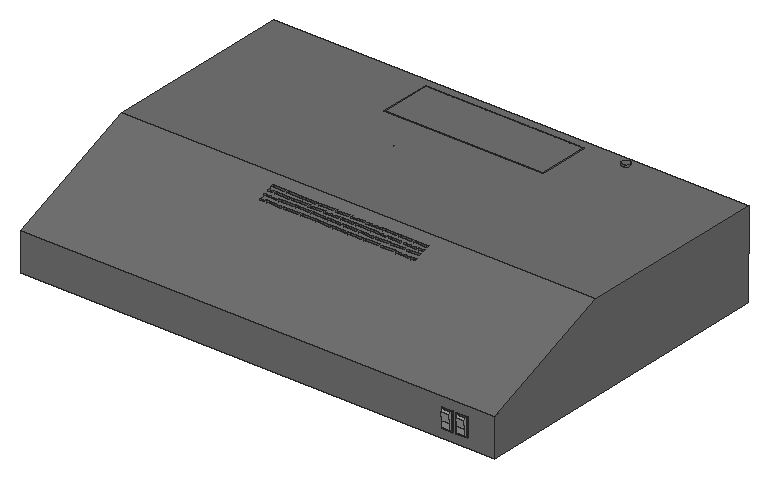
Revit family "Qf_Summit_HC30BB_Under Cabinet Convertible Range Hood", category Specialty Equipment, Revit 2020
Family settings
  Round Connector Dimension = Use Diameter
  Part Type = Normal
  Work Plane-Based = No
  Always vertical = Yes
  Cut with Voids When Loaded = No
  Shared = No
  Room Calculation Point = No
Parameters
  Weight in Pounds = 13
  Watts = if(Phase = 3, Volts * FL Amps * 1.73, Volts * FL Amps)  # 195.5 W
  Volts = 115 V
  URL Cutsheet = ""
  Specification by User = ""
  Specification by Manufacturer = ""
  Serial Number = ""
  Seismic Rating = ""
  SMACNA No = ""
  Revision Code = ""
  Phase = 1
  Number of Poles = 1
  NAFEM Spec ID Number = ""
  Model = "HC30BB"
  Min Ckt Ampacity = 0 A
  Max Overcurrent Protection = 0 A
  Masterspec = ""
  Manufacturer = "Summit"
  MU Air Volume = 200 CFM
  MU Air Vent Width = 0"
  MU Air Vent Diameter = 0"
  MU Air Vent Depth = 0"
  MU Air Static Press = 0.00 in-wg
  MU Air RI Height = 0"
  Length = 29 7/8"
  Item Number = ""
  Installed By = ""
  Identify Quantity as Lot = yes
  Height = 5 1/2"
  HP = ""
  Furnished By = ""
  Foodservice Equipment Identifier = yes
  FL Amps = 1.7 A
  Exhaust Volume = 0 CFM
  Exhaust Vent Width = 0"
  Exhaust Vent Diameter = 0"
  Exhaust Vent Depth = 0"
  Exhaust Static Press = 0.00 in-wg
  Exhaust RI Height = 0"
  Electrical Remarks = ""
  Electric Connection Type = ""
  Elec Conn RI Height = 0"
  Elec Conn Connection Height = 0"
  Description = "Under Cabinet Convertible Range Hood"
  Depth = 20"
  Default Elevation = 0"
  Cycle = 60 Hz
  Conn Plug = ""
  Conn Conduit = yes
  CSI MasterFormat = ""
  Apparent Power = if(Phase = 3, Volts * FL Amps * 1.73, Volts * FL Amps)  # 195.5 VA
Reference planes (in)
  plane 1 "BACK": y = 0
  plane 2: z = 0
  plane 3 "LEFT": x = 0
  plane 4 "RIGHT": x = 29.875
  plane 5 "FRONT": y = -20
  plane 6 "TOP": z = 5.5
  plane 7 "Center Y": x = 14.9375
  plane 8 "Center X": y = -10
  plane 9: z = 2.375
  plane 10: y = -12
  plane 11: x = 9.3125
  plane 12: x = 20.5625
  plane 13: x = 22.5625
  plane 14: y = -14
  plane 15: x = 1.5
  plane 16: x = 28.375
  plane 17: z = 5.25339
  plane 18: z = 4.76922
  plane 19: y = -0.5
  plane 20: y = -3.75
  plane 21: y = -7.25
  plane 22: x = 9.9375
  plane 23: x = 19.9375
  plane 24: z = 5.25339
  plane 25: z = 4.76922
  plane 26: x = 14.9375
  plane 27: x = 12.19383
Forms (in)
  Extrusion 1, solid, material "QF_Plastic_Dark_Grey"
    sketch origin (0, 0, 0) x (0, 1, 0) y (0, 0, 1)
      loop
        line (-20, 2.375) -> (-20, 0) -> (0, 0) -> (0, 5.5) -> (-12, 5.5) -> (-20, 2.375)
    from 0 to 1.5
  Extrusion 2, solid, material "QF_Plastic_Dark_Grey"
    sketch origin (0, 0, 0) x (0, 1, 0) y (0, 0, 1)
      loop
        line (0, 5.5) -> (-12, 5.5) -> (-20, 2.375) -> (-20, 0) -> (-14, 0) -> (-14, 4.18196) -> (-10.81598, 5.42572) -> (-0.5, 5.42572) -> (-0.5, 0) -> (0, 0) -> (0, 5.5)
    from 0 to 29.875
  Extrusion 3, solid, material "QF_Plastic_Dark_Grey"
    sketch origin (23.88, 0, 0) x (0, 1, 0) y (0, 0, -1)
      loop
        line (-20, -2.375) -> (-12, -5.5) -> (0, -5.5) -> (0, 0) -> (-20, 0) -> (-20, -2.375)
    from -5.995 to -4.495
  Extrusion 4, void
    sketch origin (3.05617, -20, 2.375) x (0, -0.931457, -0.363851) y (-1, 0, 0)
      loop
        line (-7.90626, -7.01362) -> (-7.90626, -7.76633)
        arc (-7.90626, -7.76633) -> (-7.83306, -7.83953) -> (-7.75986, -7.76633) r 0.0732
        line (-7.75986, -7.76633) -> (-7.75986, -7.01362)
        arc (-7.75986, -7.01362) -> (-7.83306, -6.94042) -> (-7.90626, -7.01362) r 0.0732
      loop
        line (-7.59983, -7.01362) -> (-7.59983, -7.24289)
        arc (-7.59983, -7.24289) -> (-7.52663, -7.31609) -> (-7.45343, -7.24289) r 0.0732
        line (-7.45343, -7.24289) -> (-7.45343, -7.01362)
        arc (-7.45343, -7.01362) -> (-7.52663, -6.94042) -> (-7.59983, -7.01362) r 0.0732
      loop
        line (-7.28302, -7.01362) -> (-7.28302, -7.76633)
        arc (-7.28302, -7.76633) -> (-7.20982, -7.83953) -> (-7.13663, -7.76633) r 0.0732
        line (-7.13663, -7.76633) -> (-7.13663, -7.01362)
        arc (-7.13663, -7.01362) -> (-7.20982, -6.94042) -> (-7.28302, -7.01362) r 0.0732
      loop
        line (-6.9465, -7.01362) -> (-6.9465, -7.24289)
        arc (-6.9465, -7.24289) -> (-6.8733, -7.31609) -> (-6.8001, -7.24289) r 0.0732
        line (-6.8001, -7.24289) -> (-6.8001, -7.01362)
        arc (-6.8001, -7.01362) -> (-6.8733, -6.94042) -> (-6.9465, -7.01362) r 0.0732
      loop
        line (-7.90626, -7.96555) -> (-7.90626, -8.82763)
        arc (-7.90626, -8.82763) -> (-7.83306, -8.90083) -> (-7.75986, -8.82763) r 0.0732
        line (-7.75986, -8.82763) -> (-7.75986, -7.96555)
        arc (-7.75986, -7.96555) -> (-7.83306, -7.89235) -> (-7.90626, -7.96555) r 0.0732
      loop
        line (-7.28302, -7.96555) -> (-7.28302, -8.82763)
        arc (-7.28302, -8.82763) -> (-7.20982, -8.90083) -> (-7.13663, -8.82763) r 0.0732
        line (-7.13663, -8.82763) -> (-7.13663, -7.96555)
        arc (-7.13663, -7.96555) -> (-7.20982, -7.89235) -> (-7.28302, -7.96555) r 0.0732
      loop
        line (-7.59983, -7.44954) -> (-7.59983, -8.31162)
        arc (-7.59983, -8.31162) -> (-7.52663, -8.38482) -> (-7.45343, -8.31162) r 0.0732
        line (-7.45343, -8.31162) -> (-7.45343, -7.44954)
        arc (-7.45343, -7.44954) -> (-7.52663, -7.37634) -> (-7.59983, -7.44954) r 0.0732
      loop
        line (-6.94931, -7.44954) -> (-6.94931, -8.31162)
        arc (-6.94931, -8.31162) -> (-6.87611, -8.38482) -> (-6.80291, -8.31162) r 0.0732
        line (-6.80291, -8.31162) -> (-6.80291, -7.44954)
        arc (-6.80291, -7.44954) -> (-6.87611, -7.37634) -> (-6.94931, -7.44954) r 0.0732
      loop
        line (-7.90626, -9.02338) -> (-7.90626, -9.77608)
        arc (-7.90626, -9.77608) -> (-7.83306, -9.84928) -> (-7.75986, -9.77608) r 0.0732
        line (-7.75986, -9.77608) -> (-7.75986, -9.02338)
        arc (-7.75986, -9.02338) -> (-7.83306, -8.95018) -> (-7.90626, -9.02338) r 0.0732
      loop
        line (-7.28302, -9.02338) -> (-7.28302, -9.77608)
        arc (-7.28302, -9.77608) -> (-7.20982, -9.84928) -> (-7.13663, -9.77608) r 0.0732
        line (-7.13663, -9.77608) -> (-7.13663, -9.02338)
        arc (-7.13663, -9.02338) -> (-7.20982, -8.95018) -> (-7.28302, -9.02338) r 0.0732
      loop
        line (-7.59983, -8.50736) -> (-7.59983, -9.36945)
        arc (-7.59983, -9.36945) -> (-7.52663, -9.44265) -> (-7.45343, -9.36945) r 0.0732
        line (-7.45343, -9.36945) -> (-7.45343, -8.50736)
        arc (-7.45343, -8.50736) -> (-7.52663, -8.43417) -> (-7.59983, -8.50736) r 0.0732
      loop
        line (-6.94931, -8.50736) -> (-6.94931, -9.36945)
        arc (-6.94931, -9.36945) -> (-6.87611, -9.44265) -> (-6.80291, -9.36945) r 0.0732
        line (-6.80291, -9.36945) -> (-6.80291, -8.50736)
        arc (-6.80291, -8.50736) -> (-6.87611, -8.43417) -> (-6.94931, -8.50736) r 0.0732
      loop
        line (-7.90626, -9.9968) -> (-7.90626, -10.85888)
        arc (-7.90626, -10.85888) -> (-7.83306, -10.93208) -> (-7.75986, -10.85888) r 0.0732
        line (-7.75986, -10.85888) -> (-7.75986, -9.9968)
        arc (-7.75986, -9.9968) -> (-7.83306, -9.9236) -> (-7.90626, -9.9968) r 0.0732
      loop
        line (-7.28302, -9.9968) -> (-7.28302, -10.85888)
        arc (-7.28302, -10.85888) -> (-7.20982, -10.93208) -> (-7.13663, -10.85888) r 0.0732
        line (-7.13663, -10.85888) -> (-7.13663, -9.9968)
        arc (-7.13663, -9.9968) -> (-7.20982, -9.9236) -> (-7.28302, -9.9968) r 0.0732
      loop
        line (-7.59983, -9.57454) -> (-7.59983, -10.34287)
        arc (-7.59983, -10.34287) -> (-7.52663, -10.41607) -> (-7.45343, -10.34287) r 0.0732
        line (-7.45343, -10.34287) -> (-7.45343, -9.57454)
        arc (-7.45343, -9.57454) -> (-7.52663, -9.50134) -> (-7.59983, -9.57454) r 0.0732
      loop
        line (-6.94931, -9.57454) -> (-6.94931, -10.34287)
        arc (-6.94931, -10.34287) -> (-6.87611, -10.41607) -> (-6.80291, -10.34287) r 0.0732
        line (-6.80291, -10.34287) -> (-6.80291, -9.57454)
        arc (-6.80291, -9.57454) -> (-6.87611, -9.50134) -> (-6.94931, -9.57454) r 0.0732
      loop
        line (-7.90626, -11.05463) -> (-7.90626, -11.80733)
        arc (-7.90626, -11.80733) -> (-7.83306, -11.88053) -> (-7.75986, -11.80733) r 0.0732
        line (-7.75986, -11.80733) -> (-7.75986, -11.05463)
        arc (-7.75986, -11.05463) -> (-7.83306, -10.98143) -> (-7.90626, -11.05463) r 0.0732
      loop
        line (-7.28302, -11.05463) -> (-7.28302, -11.80733)
        arc (-7.28302, -11.80733) -> (-7.20982, -11.88053) -> (-7.13663, -11.80733) r 0.0732
        line (-7.13663, -11.80733) -> (-7.13663, -11.05463)
        arc (-7.13663, -11.05463) -> (-7.20982, -10.98143) -> (-7.28302, -11.05463) r 0.0732
      loop
        line (-7.59983, -10.53861) -> (-7.59983, -11.4007)
        arc (-7.59983, -11.4007) -> (-7.52663, -11.4739) -> (-7.45343, -11.4007) r 0.0732
        line (-7.45343, -11.4007) -> (-7.45343, -10.53861)
        arc (-7.45343, -10.53861) -> (-7.52663, -10.46542) -> (-7.59983, -10.53861) r 0.0732
      loop
        line (-6.94931, -10.53861) -> (-6.94931, -11.4007)
        arc (-6.94931, -11.4007) -> (-6.87611, -11.4739) -> (-6.80291, -11.4007) r 0.0732
        line (-6.80291, -11.4007) -> (-6.80291, -10.53861)
        arc (-6.80291, -10.53861) -> (-6.87611, -10.46542) -> (-6.94931, -10.53861) r 0.0732
      loop
        line (-7.90626, -12.02338) -> (-7.90626, -12.77608)
        arc (-7.90626, -12.77608) -> (-7.83306, -12.84928) -> (-7.75986, -12.77608) r 0.0732
        line (-7.75986, -12.77608) -> (-7.75986, -12.02338)
        arc (-7.75986, -12.02338) -> (-7.83306, -11.95018) -> (-7.90626, -12.02338) r 0.0732
      loop
        line (-7.28302, -12.02338) -> (-7.28302, -12.77608)
        arc (-7.28302, -12.77608) -> (-7.20982, -12.84928) -> (-7.13663, -12.77608) r 0.0732
        line (-7.13663, -12.77608) -> (-7.13663, -12.02338)
        arc (-7.13663, -12.02338) -> (-7.20982, -11.95018) -> (-7.28302, -12.02338) r 0.0732
      loop
        line (-7.59983, -11.61674) -> (-7.59983, -12.36945)
        arc (-7.59983, -12.36945) -> (-7.52663, -12.44265) -> (-7.45343, -12.36945) r 0.0732
        line (-7.45343, -12.36945) -> (-7.45343, -11.61674)
        arc (-7.45343, -11.61674) -> (-7.52663, -11.54354) -> (-7.59983, -11.61674) r 0.0732
      loop
        line (-6.94931, -11.61674) -> (-6.94931, -12.36945)
        arc (-6.94931, -12.36945) -> (-6.87611, -12.44265) -> (-6.80291, -12.36945) r 0.0732
        line (-6.80291, -12.36945) -> (-6.80291, -11.61674)
        arc (-6.80291, -11.61674) -> (-6.87611, -11.54354) -> (-6.94931, -11.61674) r 0.0732
      loop
        line (-7.90626, -12.9968) -> (-7.90626, -13.85888)
        arc (-7.90626, -13.85888) -> (-7.83306, -13.93208) -> (-7.75986, -13.85888) r 0.0732
        line (-7.75986, -13.85888) -> (-7.75986, -12.9968)
        arc (-7.75986, -12.9968) -> (-7.83306, -12.9236) -> (-7.90626, -12.9968) r 0.0732
      loop
        line (-7.28302, -12.9968) -> (-7.28302, -13.85888)
        arc (-7.28302, -13.85888) -> (-7.20982, -13.93208) -> (-7.13663, -13.85888) r 0.0732
        line (-7.13663, -13.85888) -> (-7.13663, -12.9968)
        arc (-7.13663, -12.9968) -> (-7.20982, -12.9236) -> (-7.28302, -12.9968) r 0.0732
      loop
        line (-7.59983, -12.57454) -> (-7.59983, -13.34287)
        arc (-7.59983, -13.34287) -> (-7.52663, -13.41607) -> (-7.45343, -13.34287) r 0.0732
        line (-7.45343, -13.34287) -> (-7.45343, -12.57454)
        arc (-7.45343, -12.57454) -> (-7.52663, -12.50134) -> (-7.59983, -12.57454) r 0.0732
      loop
        line (-6.94931, -12.57454) -> (-6.94931, -13.34287)
        arc (-6.94931, -13.34287) -> (-6.87611, -13.41607) -> (-6.80291, -13.34287) r 0.0732
        line (-6.80291, -13.34287) -> (-6.80291, -12.57454)
        arc (-6.80291, -12.57454) -> (-6.87611, -12.50134) -> (-6.94931, -12.57454) r 0.0732
      loop
        line (-7.90626, -14.05463) -> (-7.90626, -14.80733)
        arc (-7.90626, -14.80733) -> (-7.83306, -14.88053) -> (-7.75986, -14.80733) r 0.0732
        line (-7.75986, -14.80733) -> (-7.75986, -14.05463)
        arc (-7.75986, -14.05463) -> (-7.83306, -13.98143) -> (-7.90626, -14.05463) r 0.0732
      loop
        line (-7.28302, -14.05463) -> (-7.28302, -14.80733)
        arc (-7.28302, -14.80733) -> (-7.20982, -14.88053) -> (-7.13663, -14.80733) r 0.0732
        line (-7.13663, -14.80733) -> (-7.13663, -14.05463)
        arc (-7.13663, -14.05463) -> (-7.20982, -13.98143) -> (-7.28302, -14.05463) r 0.0732
      loop
        line (-7.59983, -13.53861) -> (-7.59983, -14.4007)
        arc (-7.59983, -14.4007) -> (-7.52663, -14.4739) -> (-7.45343, -14.4007) r 0.0732
        line (-7.45343, -14.4007) -> (-7.45343, -13.53861)
        arc (-7.45343, -13.53861) -> (-7.52663, -13.46542) -> (-7.59983, -13.53861) r 0.0732
      loop
        line (-6.94931, -13.53861) -> (-6.94931, -14.4007)
        arc (-6.94931, -14.4007) -> (-6.87611, -14.4739) -> (-6.80291, -14.4007) r 0.0732
        line (-6.80291, -14.4007) -> (-6.80291, -13.53861)
        arc (-6.80291, -13.53861) -> (-6.87611, -13.46542) -> (-6.94931, -13.53861) r 0.0732
      loop
        line (-7.90626, -15.02338) -> (-7.90626, -15.77608)
        arc (-7.90626, -15.77608) -> (-7.83306, -15.84928) -> (-7.75986, -15.77608) r 0.0732
        line (-7.75986, -15.77608) -> (-7.75986, -15.02338)
        arc (-7.75986, -15.02338) -> (-7.83306, -14.95018) -> (-7.90626, -15.02338) r 0.0732
      loop
        line (-7.28302, -15.02338) -> (-7.28302, -15.77608)
        arc (-7.28302, -15.77608) -> (-7.20982, -15.84928) -> (-7.13663, -15.77608) r 0.0732
        line (-7.13663, -15.77608) -> (-7.13663, -15.02338)
        arc (-7.13663, -15.02338) -> (-7.20982, -14.95018) -> (-7.28302, -15.02338) r 0.0732
      loop
        line (-7.59983, -14.62665) -> (-7.59983, -15.36945)
        arc (-7.59983, -15.36945) -> (-7.52663, -15.44265) -> (-7.45343, -15.36945) r 0.0732
        line (-7.45343, -15.36945) -> (-7.45343, -14.62665)
        arc (-7.45343, -14.62665) -> (-7.52663, -14.55345) -> (-7.59983, -14.62665) r 0.0732
      loop
        line (-6.94931, -14.6001) -> (-6.94931, -15.36945)
        arc (-6.94931, -15.36945) -> (-6.87611, -15.44265) -> (-6.80291, -15.36945) r 0.0732
        line (-6.80291, -15.36945) -> (-6.80291, -14.6001)
        arc (-6.80291, -14.6001) -> (-6.87611, -14.5269) -> (-6.94931, -14.6001) r 0.0732
      loop
        line (-7.59983, -15.57454) -> (-7.59983, -16.34287)
        arc (-7.59983, -16.34287) -> (-7.52663, -16.41607) -> (-7.45343, -16.34287) r 0.0732
        line (-7.45343, -16.34287) -> (-7.45343, -15.57454)
        arc (-7.45343, -15.57454) -> (-7.52663, -15.50134) -> (-7.59983, -15.57454) r 0.0732
      loop
        line (-6.94931, -15.57454) -> (-6.94931, -16.34287)
        arc (-6.94931, -16.34287) -> (-6.87611, -16.41607) -> (-6.80291, -16.34287) r 0.0732
        line (-6.80291, -16.34287) -> (-6.80291, -15.57454)
        arc (-6.80291, -15.57454) -> (-6.87611, -15.50134) -> (-6.94931, -15.57454) r 0.0732
      loop
        line (-7.90626, -15.99213) -> (-7.90626, -16.74483)
        arc (-7.90626, -16.74483) -> (-7.83306, -16.81803) -> (-7.75986, -16.74483) r 0.0732
        line (-7.75986, -16.74483) -> (-7.75986, -15.99213)
        arc (-7.75986, -15.99213) -> (-7.83306, -15.91893) -> (-7.90626, -15.99213) r 0.0732
      loop
        line (-7.28302, -15.99213) -> (-7.28302, -16.74483)
        arc (-7.28302, -16.74483) -> (-7.20982, -16.81803) -> (-7.13663, -16.74483) r 0.0732
        line (-7.13663, -16.74483) -> (-7.13663, -15.99213)
        arc (-7.13663, -15.99213) -> (-7.20982, -15.91893) -> (-7.28302, -15.99213) r 0.0732
      loop
        line (-7.59983, -16.54576) -> (-7.59983, -16.75159)
        arc (-7.59983, -16.75159) -> (-7.52663, -16.82479) -> (-7.45343, -16.75159) r 0.0732
        line (-7.45343, -16.75159) -> (-7.45343, -16.54576)
        arc (-7.45343, -16.54576) -> (-7.52663, -16.47256) -> (-7.59983, -16.54576) r 0.0732
      loop
        line (-6.94931, -16.54576) -> (-6.94931, -16.75159)
        arc (-6.94931, -16.75159) -> (-6.87611, -16.82479) -> (-6.80291, -16.75159) r 0.0732
        line (-6.80291, -16.75159) -> (-6.80291, -16.54576)
        arc (-6.80291, -16.54576) -> (-6.87611, -16.47256) -> (-6.94931, -16.54576) r 0.0732
    from 0 to 0.5
  Extrusion 5, solid, material "QF_Plastic_Dark_Grey"
    sketch origin (0, 0, 0) x (1, 0, 0) y (0, 1, 0)
      loop
        arc (11.4375, -3.75) -> (14.9375, -7.25) -> (18.4375, -3.75) r 3.5
        line (18.4375, -3.75) -> (11.4375, -3.75)
    from 2.375 to 5.42572
  Extrusion 6, solid, material "QF_Plastic_Dark_Grey"
    sketch origin (0, 0, 0) x (1, 0, 0) y (0, 1, 0)
      loop
        line (9.9375, -0.5) -> (9.9375, -3.75) -> (19.9375, -3.75) -> (19.9375, -0.5) -> (9.9375, -0.5)
      loop
        line (10.1875, -3.5) -> (19.6875, -3.5) -> (19.6875, -0.75) -> (10.1875, -0.75) -> (10.1875, -3.5)
    from 2.375 to 5.42572
  Extrusion 7, solid, material "QF_Plastic_Dark_Grey"
    sketch origin (0, 0, 0) x (1, 0, 0) y (0, 1, 0)
      loop
        line (9.3125, -0.5) -> (9.3125, -14) -> (20.5625, -14) -> (20.5625, -0.5) -> (9.3125, -0.5)
      loop
        line (9.5625, -13.75) -> (20.3125, -13.75) -> (20.3125, -0.75) -> (9.5625, -0.75) -> (9.5625, -13.75)
    from 2.375 to 5
  Extrusion 8, void
    sketch origin (29.875, 0, 0) x (0, -1, 0) y (0, 0, 1)
      loop
        line (10.81598, 5.42572) -> (14, 4.18196) -> (14.15581, 4.18196) -> (14.15581, 5.58943) -> (10.81598, 5.58943) -> (10.81598, 5.42572)
    from 9.3125 to 20.5625
  Extrusion 9, void
    sketch origin (0, 0, 2.375) x (1, 0, 0) y (0, 1, 0)
      loop
        line (19.9375, -3.75) -> (19.9375, -0.5) -> (9.9375, -0.5) -> (9.9375, -3.75) -> (19.9375, -3.75)
    from 3.05072 to 3.125
  Extrusion 10, solid, material "QF_Plastic_Dark_Grey"
    sketch origin (0, -12, 5.5) x (0, 1, 0) y (-1, 0, 0)
      loop
        line (8.25, -9.9375) -> (8.25, -19.9375) -> (11.5, -19.9375) -> (11.5, -9.9375) -> (8.25, -9.9375)
    from 0 to -0.07428
  Extrusion 11, solid, material "QF_Plastic_Dark_Grey"
    sketch origin (0, 0, 0) x (1, 0, 0) y (0, 1, 0)
      loop
        circle (22.5625, -0.5) r 0.25
    from 5.5 to 5.57173
  Extrusion 12, solid, material "QF_Plastic_Epoxy_Black"
    sketch origin (6.64062, -20, 0) x (0, 0, 1) y (-1, 0, 0)
      loop
        line (1.78125, -21.57157) -> (1.78125, -20.86312) -> (0.59375, -20.86312) -> (0.59375, -21.57157) -> (1.78125, -21.57157)
      loop
        line (1.78125, -20.63407) -> (1.78125, -19.92562) -> (0.59375, -19.92562) -> (0.59375, -20.63407) -> (1.78125, -20.63407)
    from 0 to 0.04539
  Extrusion 13, solid, material "QF_Plastic_Gray"
    sketch origin (29.58062, 0, 0) x (0, 1, 0) y (0, 0, 1)
      loop
        line (-20.04539, 1.70684) -> (-20.22258, 1.62421) -> (-20.09635, 1.07743) -> (-20.09635, 0.69669) -> (-20.04539, 0.69669) -> (-20.04539, 1.70684)
    from -1.97756 to -1.47125
  Extrusion 14, void, not visible
    sketch origin (0.3125, -20, 2.375) x (0, -0.931457, -0.363851) y (-1, 0, 0)
      loop
        line (-7.90626, -7.01362) -> (-7.90626, -7.76633)
        arc (-7.90626, -7.76633) -> (-7.83306, -7.83953) -> (-7.75986, -7.76633) r 0.0732
        line (-7.75986, -7.76633) -> (-7.75986, -7.01362)
        arc (-7.75986, -7.01362) -> (-7.83306, -6.94042) -> (-7.90626, -7.01362) r 0.0732
      loop
        line (-7.59983, -7.01362) -> (-7.59983, -7.24289)
        arc (-7.59983, -7.24289) -> (-7.52663, -7.31609) -> (-7.45343, -7.24289) r 0.0732
        line (-7.45343, -7.24289) -> (-7.45343, -7.01362)
        arc (-7.45343, -7.01362) -> (-7.52663, -6.94042) -> (-7.59983, -7.01362) r 0.0732
      loop
        line (-7.28302, -7.01362) -> (-7.28302, -7.76633)
        arc (-7.28302, -7.76633) -> (-7.20982, -7.83953) -> (-7.13663, -7.76633) r 0.0732
        line (-7.13663, -7.76633) -> (-7.13663, -7.01362)
        arc (-7.13663, -7.01362) -> (-7.20982, -6.94042) -> (-7.28302, -7.01362) r 0.0732
      loop
        line (-6.9465, -7.01362) -> (-6.9465, -7.24289)
        arc (-6.9465, -7.24289) -> (-6.8733, -7.31609) -> (-6.8001, -7.24289) r 0.0732
        line (-6.8001, -7.24289) -> (-6.8001, -7.01362)
        arc (-6.8001, -7.01362) -> (-6.8733, -6.94042) -> (-6.9465, -7.01362) r 0.0732
      loop
        line (-7.90626, -7.96555) -> (-7.90626, -8.82763)
        arc (-7.90626, -8.82763) -> (-7.83306, -8.90083) -> (-7.75986, -8.82763) r 0.0732
        line (-7.75986, -8.82763) -> (-7.75986, -7.96555)
        arc (-7.75986, -7.96555) -> (-7.83306, -7.89235) -> (-7.90626, -7.96555) r 0.0732
      loop
        line (-7.28302, -7.96555) -> (-7.28302, -8.82763)
        arc (-7.28302, -8.82763) -> (-7.20982, -8.90083) -> (-7.13663, -8.82763) r 0.0732
        line (-7.13663, -8.82763) -> (-7.13663, -7.96555)
        arc (-7.13663, -7.96555) -> (-7.20982, -7.89235) -> (-7.28302, -7.96555) r 0.0732
      loop
        line (-7.59983, -7.44954) -> (-7.59983, -8.31162)
        arc (-7.59983, -8.31162) -> (-7.52663, -8.38482) -> (-7.45343, -8.31162) r 0.0732
        line (-7.45343, -8.31162) -> (-7.45343, -7.44954)
        arc (-7.45343, -7.44954) -> (-7.52663, -7.37634) -> (-7.59983, -7.44954) r 0.0732
      loop
        line (-6.94931, -7.44954) -> (-6.94931, -8.31162)
        arc (-6.94931, -8.31162) -> (-6.87611, -8.38482) -> (-6.80291, -8.31162) r 0.0732
        line (-6.80291, -8.31162) -> (-6.80291, -7.44954)
        arc (-6.80291, -7.44954) -> (-6.87611, -7.37634) -> (-6.94931, -7.44954) r 0.0732
      loop
        line (-7.90626, -9.02338) -> (-7.90626, -9.77608)
        arc (-7.90626, -9.77608) -> (-7.83306, -9.84928) -> (-7.75986, -9.77608) r 0.0732
        line (-7.75986, -9.77608) -> (-7.75986, -9.02338)
        arc (-7.75986, -9.02338) -> (-7.83306, -8.95018) -> (-7.90626, -9.02338) r 0.0732
      loop
        line (-7.28302, -9.02338) -> (-7.28302, -9.77608)
        arc (-7.28302, -9.77608) -> (-7.20982, -9.84928) -> (-7.13663, -9.77608) r 0.0732
        line (-7.13663, -9.77608) -> (-7.13663, -9.02338)
        arc (-7.13663, -9.02338) -> (-7.20982, -8.95018) -> (-7.28302, -9.02338) r 0.0732
      loop
        line (-7.59983, -8.50736) -> (-7.59983, -9.36945)
        arc (-7.59983, -9.36945) -> (-7.52663, -9.44265) -> (-7.45343, -9.36945) r 0.0732
        line (-7.45343, -9.36945) -> (-7.45343, -8.50736)
        arc (-7.45343, -8.50736) -> (-7.52663, -8.43417) -> (-7.59983, -8.50736) r 0.0732
      loop
        line (-6.94931, -8.50736) -> (-6.94931, -9.36945)
        arc (-6.94931, -9.36945) -> (-6.87611, -9.44265) -> (-6.80291, -9.36945) r 0.0732
        line (-6.80291, -9.36945) -> (-6.80291, -8.50736)
        arc (-6.80291, -8.50736) -> (-6.87611, -8.43417) -> (-6.94931, -8.50736) r 0.0732
      loop
        line (-7.90626, -9.9968) -> (-7.90626, -10.85888)
        arc (-7.90626, -10.85888) -> (-7.83306, -10.93208) -> (-7.75986, -10.85888) r 0.0732
        line (-7.75986, -10.85888) -> (-7.75986, -9.9968)
        arc (-7.75986, -9.9968) -> (-7.83306, -9.9236) -> (-7.90626, -9.9968) r 0.0732
      loop
        line (-7.28302, -9.9968) -> (-7.28302, -10.85888)
        arc (-7.28302, -10.85888) -> (-7.20982, -10.93208) -> (-7.13663, -10.85888) r 0.0732
        line (-7.13663, -10.85888) -> (-7.13663, -9.9968)
        arc (-7.13663, -9.9968) -> (-7.20982, -9.9236) -> (-7.28302, -9.9968) r 0.0732
      loop
        line (-7.59983, -9.57454) -> (-7.59983, -10.34287)
        arc (-7.59983, -10.34287) -> (-7.52663, -10.41607) -> (-7.45343, -10.34287) r 0.0732
        line (-7.45343, -10.34287) -> (-7.45343, -9.57454)
        arc (-7.45343, -9.57454) -> (-7.52663, -9.50134) -> (-7.59983, -9.57454) r 0.0732
      loop
        line (-6.94931, -9.57454) -> (-6.94931, -10.34287)
        arc (-6.94931, -10.34287) -> (-6.87611, -10.41607) -> (-6.80291, -10.34287) r 0.0732
        line (-6.80291, -10.34287) -> (-6.80291, -9.57454)
        arc (-6.80291, -9.57454) -> (-6.87611, -9.50134) -> (-6.94931, -9.57454) r 0.0732
      loop
        line (-7.90626, -11.05463) -> (-7.90626, -11.80733)
        arc (-7.90626, -11.80733) -> (-7.83306, -11.88053) -> (-7.75986, -11.80733) r 0.0732
        line (-7.75986, -11.80733) -> (-7.75986, -11.05463)
        arc (-7.75986, -11.05463) -> (-7.83306, -10.98143) -> (-7.90626, -11.05463) r 0.0732
      loop
        line (-7.28302, -11.05463) -> (-7.28302, -11.80733)
        arc (-7.28302, -11.80733) -> (-7.20982, -11.88053) -> (-7.13663, -11.80733) r 0.0732
        line (-7.13663, -11.80733) -> (-7.13663, -11.05463)
        arc (-7.13663, -11.05463) -> (-7.20982, -10.98143) -> (-7.28302, -11.05463) r 0.0732
      loop
        line (-7.59983, -10.53861) -> (-7.59983, -11.4007)
        arc (-7.59983, -11.4007) -> (-7.52663, -11.4739) -> (-7.45343, -11.4007) r 0.0732
        line (-7.45343, -11.4007) -> (-7.45343, -10.53861)
        arc (-7.45343, -10.53861) -> (-7.52663, -10.46542) -> (-7.59983, -10.53861) r 0.0732
      loop
        line (-6.94931, -10.53861) -> (-6.94931, -11.4007)
        arc (-6.94931, -11.4007) -> (-6.87611, -11.4739) -> (-6.80291, -11.4007) r 0.0732
        line (-6.80291, -11.4007) -> (-6.80291, -10.53861)
        arc (-6.80291, -10.53861) -> (-6.87611, -10.46542) -> (-6.94931, -10.53861) r 0.0732
      loop
        line (-7.90626, -12.02338) -> (-7.90626, -12.77608)
        arc (-7.90626, -12.77608) -> (-7.83306, -12.84928) -> (-7.75986, -12.77608) r 0.0732
        line (-7.75986, -12.77608) -> (-7.75986, -12.02338)
        arc (-7.75986, -12.02338) -> (-7.83306, -11.95018) -> (-7.90626, -12.02338) r 0.0732
      loop
        line (-7.28302, -12.02338) -> (-7.28302, -12.77608)
        arc (-7.28302, -12.77608) -> (-7.20982, -12.84928) -> (-7.13663, -12.77608) r 0.0732
        line (-7.13663, -12.77608) -> (-7.13663, -12.02338)
        arc (-7.13663, -12.02338) -> (-7.20982, -11.95018) -> (-7.28302, -12.02338) r 0.0732
      loop
        line (-7.59983, -11.61674) -> (-7.59983, -12.36945)
        arc (-7.59983, -12.36945) -> (-7.52663, -12.44265) -> (-7.45343, -12.36945) r 0.0732
        line (-7.45343, -12.36945) -> (-7.45343, -11.61674)
        arc (-7.45343, -11.61674) -> (-7.52663, -11.54354) -> (-7.59983, -11.61674) r 0.0732
      loop
        line (-6.94931, -11.61674) -> (-6.94931, -12.36945)
        arc (-6.94931, -12.36945) -> (-6.87611, -12.44265) -> (-6.80291, -12.36945) r 0.0732
        line (-6.80291, -12.36945) -> (-6.80291, -11.61674)
        arc (-6.80291, -11.61674) -> (-6.87611, -11.54354) -> (-6.94931, -11.61674) r 0.0732
      loop
        line (-7.90626, -12.9968) -> (-7.90626, -13.85888)
        arc (-7.90626, -13.85888) -> (-7.83306, -13.93208) -> (-7.75986, -13.85888) r 0.0732
        line (-7.75986, -13.85888) -> (-7.75986, -12.9968)
        arc (-7.75986, -12.9968) -> (-7.83306, -12.9236) -> (-7.90626, -12.9968) r 0.0732
      loop
        line (-7.28302, -12.9968) -> (-7.28302, -13.85888)
        arc (-7.28302, -13.85888) -> (-7.20982, -13.93208) -> (-7.13663, -13.85888) r 0.0732
        line (-7.13663, -13.85888) -> (-7.13663, -12.9968)
        arc (-7.13663, -12.9968) -> (-7.20982, -12.9236) -> (-7.28302, -12.9968) r 0.0732
      loop
        line (-7.59983, -12.57454) -> (-7.59983, -13.34287)
        arc (-7.59983, -13.34287) -> (-7.52663, -13.41607) -> (-7.45343, -13.34287) r 0.0732
        line (-7.45343, -13.34287) -> (-7.45343, -12.57454)
        arc (-7.45343, -12.57454) -> (-7.52663, -12.50134) -> (-7.59983, -12.57454) r 0.0732
      loop
        line (-6.94931, -12.57454) -> (-6.94931, -13.34287)
        arc (-6.94931, -13.34287) -> (-6.87611, -13.41607) -> (-6.80291, -13.34287) r 0.0732
        line (-6.80291, -13.34287) -> (-6.80291, -12.57454)
        arc (-6.80291, -12.57454) -> (-6.87611, -12.50134) -> (-6.94931, -12.57454) r 0.0732
      loop
        line (-7.90626, -14.05463) -> (-7.90626, -14.80733)
        arc (-7.90626, -14.80733) -> (-7.83306, -14.88053) -> (-7.75986, -14.80733) r 0.0732
        line (-7.75986, -14.80733) -> (-7.75986, -14.05463)
        arc (-7.75986, -14.05463) -> (-7.83306, -13.98143) -> (-7.90626, -14.05463) r 0.0732
      loop
        line (-7.28302, -14.05463) -> (-7.28302, -14.80733)
        arc (-7.28302, -14.80733) -> (-7.20982, -14.88053) -> (-7.13663, -14.80733) r 0.0732
        line (-7.13663, -14.80733) -> (-7.13663, -14.05463)
        arc (-7.13663, -14.05463) -> (-7.20982, -13.98143) -> (-7.28302, -14.05463) r 0.0732
      loop
        line (-7.59983, -13.53861) -> (-7.59983, -14.4007)
        arc (-7.59983, -14.4007) -> (-7.52663, -14.4739) -> (-7.45343, -14.4007) r 0.0732
        line (-7.45343, -14.4007) -> (-7.45343, -13.53861)
        arc (-7.45343, -13.53861) -> (-7.52663, -13.46542) -> (-7.59983, -13.53861) r 0.0732
      loop
        line (-6.94931, -13.53861) -> (-6.94931, -14.4007)
        arc (-6.94931, -14.4007) -> (-6.87611, -14.4739) -> (-6.80291, -14.4007) r 0.0732
        line (-6.80291, -14.4007) -> (-6.80291, -13.53861)
        arc (-6.80291, -13.53861) -> (-6.87611, -13.46542) -> (-6.94931, -13.53861) r 0.0732
      loop
        line (-7.90626, -15.02338) -> (-7.90626, -15.77608)
        arc (-7.90626, -15.77608) -> (-7.83306, -15.84928) -> (-7.75986, -15.77608) r 0.0732
        line (-7.75986, -15.77608) -> (-7.75986, -15.02338)
        arc (-7.75986, -15.02338) -> (-7.83306, -14.95018) -> (-7.90626, -15.02338) r 0.0732
      loop
        line (-7.28302, -15.02338) -> (-7.28302, -15.77608)
        arc (-7.28302, -15.77608) -> (-7.20982, -15.84928) -> (-7.13663, -15.77608) r 0.0732
        line (-7.13663, -15.77608) -> (-7.13663, -15.02338)
        arc (-7.13663, -15.02338) -> (-7.20982, -14.95018) -> (-7.28302, -15.02338) r 0.0732
      loop
        line (-7.59983, -14.62665) -> (-7.59983, -15.36945)
        arc (-7.59983, -15.36945) -> (-7.52663, -15.44265) -> (-7.45343, -15.36945) r 0.0732
        line (-7.45343, -15.36945) -> (-7.45343, -14.62665)
        arc (-7.45343, -14.62665) -> (-7.52663, -14.55345) -> (-7.59983, -14.62665) r 0.0732
      loop
        line (-6.94931, -14.6001) -> (-6.94931, -15.36945)
        arc (-6.94931, -15.36945) -> (-6.87611, -15.44265) -> (-6.80291, -15.36945) r 0.0732
        line (-6.80291, -15.36945) -> (-6.80291, -14.6001)
        arc (-6.80291, -14.6001) -> (-6.87611, -14.5269) -> (-6.94931, -14.6001) r 0.0732
      loop
        line (-7.59983, -15.57454) -> (-7.59983, -16.34287)
        arc (-7.59983, -16.34287) -> (-7.52663, -16.41607) -> (-7.45343, -16.34287) r 0.0732
        line (-7.45343, -16.34287) -> (-7.45343, -15.57454)
        arc (-7.45343, -15.57454) -> (-7.52663, -15.50134) -> (-7.59983, -15.57454) r 0.0732
      loop
        line (-6.94931, -15.57454) -> (-6.94931, -16.34287)
        arc (-6.94931, -16.34287) -> (-6.87611, -16.41607) -> (-6.80291, -16.34287) r 0.0732
        line (-6.80291, -16.34287) -> (-6.80291, -15.57454)
        arc (-6.80291, -15.57454) -> (-6.87611, -15.50134) -> (-6.94931, -15.57454) r 0.0732
      loop
        line (-7.90626, -15.99213) -> (-7.90626, -16.74483)
        arc (-7.90626, -16.74483) -> (-7.83306, -16.81803) -> (-7.75986, -16.74483) r 0.0732
        line (-7.75986, -16.74483) -> (-7.75986, -15.99213)
        arc (-7.75986, -15.99213) -> (-7.83306, -15.91893) -> (-7.90626, -15.99213) r 0.0732
      loop
        line (-7.28302, -15.99213) -> (-7.28302, -16.74483)
        arc (-7.28302, -16.74483) -> (-7.20982, -16.81803) -> (-7.13663, -16.74483) r 0.0732
        line (-7.13663, -16.74483) -> (-7.13663, -15.99213)
        arc (-7.13663, -15.99213) -> (-7.20982, -15.91893) -> (-7.28302, -15.99213) r 0.0732
      loop
        line (-7.59983, -16.54576) -> (-7.59983, -16.75159)
        arc (-7.59983, -16.75159) -> (-7.52663, -16.82479) -> (-7.45343, -16.75159) r 0.0732
        line (-7.45343, -16.75159) -> (-7.45343, -16.54576)
        arc (-7.45343, -16.54576) -> (-7.52663, -16.47256) -> (-7.59983, -16.54576) r 0.0732
      loop
        line (-6.94931, -16.54576) -> (-6.94931, -16.75159)
        arc (-6.94931, -16.75159) -> (-6.87611, -16.82479) -> (-6.80291, -16.75159) r 0.0732
        line (-6.80291, -16.75159) -> (-6.80291, -16.54576)
        arc (-6.80291, -16.54576) -> (-6.87611, -16.47256) -> (-6.94931, -16.54576) r 0.0732
    from 0 to 0.5
  Extrusion 15, solid, material "QF_Plastic_Gray"
    sketch origin (28.64312, 0, 0) x (0, 1, 0) y (0, 0, 1)
      loop
        line (-20.04539, 1.70684) -> (-20.22258, 1.62421) -> (-20.09635, 1.07743) -> (-20.09635, 0.69669) -> (-20.04539, 0.69669) -> (-20.04539, 1.70684)
    from -1.97756 to -1.47125
Cuts and joins
  Extrusion 4, Extrusion 8, Extrusion 9 cuts Extrusion 1
  Extrusion 4, Extrusion 9 cuts Extrusion 2
  Extrusion 4, Extrusion 8, Extrusion 9 cuts Extrusion 3
  Extrusion 9 cuts Extrusion 6
  Extrusion 8, Extrusion 9 cuts Extrusion 7
  joined: Extrusion 1, Extrusion 2, Extrusion 3, Extrusion 5, Extrusion 6, Extrusion 7
Lines and regions (in)
  symbolic lines
    curve 1: line (0, 0, 0) -> (0, -20, 0)
    curve 2: line (0, -12, 0) -> (29.875, -12, 0)
    curve 3: line (29.875, -20, 0) -> (29.875, 0, 0)
    curve 4: line (29.875, 0, 0) -> (0, 0, 0)
    curve 5: line (0, -20, 0) -> (29.875, -20, 0)
    curve 6: line (10.01112, -12.63566, 0) -> (10.76383, -12.63566, 0)
    curve 7: spline (10.76383, -12.63566, 0) -> (10.78277, -12.63798, 0) -> (10.80043, -12.6448, 0) -> (10.81559, -12.65563, 0) -> (10.82722, -12.66975, 0) -> (10.83453, -12.6862, 0) -> (10.83703, -12.70384, 0) -> (10.83453, -12.72149, 0) -> (10.82722, -12.73793, 0) -> (10.81559, -12.75205, 0) -> (10.80043, -12.76289, 0) -> (10.78277, -12.7697, 0) -> (10.76383, -12.77202, 0)
    curve 8: line (10.76383, -12.77202, 0) -> (10.01112, -12.77202, 0)
    curve 9: spline (10.01112, -12.77202, 0) -> (9.99218, -12.7697, 0) -> (9.97452, -12.76289, 0) -> (9.95936, -12.75205, 0) -> (9.94773, -12.73793, 0) -> (9.94042, -12.72149, 0) -> (9.93792, -12.70384, 0) -> (9.94042, -12.6862, 0) -> (9.94773, -12.66975, 0) -> (9.95936, -12.65563, 0) -> (9.97452, -12.6448, 0) -> (9.99218, -12.63798, 0) -> (10.01112, -12.63566, 0)
    curve 10: spline (10.24039, -12.92108, 0) -> (10.25934, -12.9234, 0) -> (10.27699, -12.93022, 0) -> (10.29215, -12.94105, 0) -> (10.30378, -12.95517, 0) -> (10.3111, -12.97162, 0) -> (10.31359, -12.98926, 0) -> (10.3111, -13.00691, 0) -> (10.30378, -13.02335, 0) -> (10.29215, -13.03747, 0) -> (10.27699, -13.04831, 0) -> (10.25934, -13.05512, 0) -> (10.24039, -13.05744, 0)
    curve 11: line (10.24039, -13.05744, 0) -> (10.01112, -13.05744, 0)
    curve 12: spline (10.01112, -13.05744, 0) -> (9.99218, -13.05512, 0) -> (9.97452, -13.04831, 0) -> (9.95936, -13.03747, 0) -> (9.94773, -13.02335, 0) -> (9.94042, -13.00691, 0) -> (9.93792, -12.98926, 0) -> (9.94042, -12.97162, 0) -> (9.94773, -12.95517, 0) -> (9.95936, -12.94105, 0) -> (9.97452, -12.93022, 0) -> (9.99218, -12.9234, 0) -> (10.01112, -12.92108, 0)
    curve 13: line (10.01112, -12.92108, 0) -> (10.24039, -12.92108, 0)
    curve 14: line (10.01112, -13.21617, 0) -> (10.76383, -13.21617, 0)
    curve 15: spline (10.76383, -13.21617, 0) -> (10.78277, -13.2185, 0) -> (10.80043, -13.22531, 0) -> (10.81559, -13.23614, 0) -> (10.82722, -13.25027, 0) -> (10.83453, -13.26671, 0) -> (10.83703, -13.28436, 0) -> (10.83453, -13.302, 0) -> (10.82722, -13.31845, 0) -> (10.81559, -13.33257, 0) -> (10.80043, -13.3434, 0) -> (10.78277, -13.35021, 0) -> (10.76383, -13.35254, 0)
    curve 16: line (10.76383, -13.35254, 0) -> (10.01112, -13.35254, 0)
    curve 17: spline (10.01112, -13.35254, 0) -> (9.99218, -13.35021, 0) -> (9.97452, -13.3434, 0) -> (9.95936, -13.33257, 0) -> (9.94773, -13.31845, 0) -> (9.94042, -13.302, 0) -> (9.93792, -13.28436, 0) -> (9.94042, -13.26671, 0) -> (9.94773, -13.25027, 0) -> (9.95936, -13.23614, 0) -> (9.97452, -13.22531, 0) -> (9.99218, -13.2185, 0) -> (10.01112, -13.21617, 0)
    curve 18: spline (10.24039, -13.52963, 0) -> (10.25934, -13.53196, 0) -> (10.27699, -13.53877, 0) -> (10.29215, -13.5496, 0) -> (10.30378, -13.56372, 0) -> (10.3111, -13.58017, 0) -> (10.31359, -13.59781, 0) -> (10.3111, -13.61546, 0) -> (10.30378, -13.6319, 0) -> (10.29215, -13.64603, 0) -> (10.27699, -13.65686, 0) -> (10.25934, -13.66367, 0) -> (10.24039, -13.666, 0)
    curve 19: line (10.24039, -13.666, 0) -> (10.01112, -13.666, 0)
    curve 20: spline (10.01112, -13.666, 0) -> (9.99218, -13.66367, 0) -> (9.97452, -13.65686, 0) -> (9.95936, -13.64603, 0) -> (9.94773, -13.6319, 0) -> (9.94042, -13.61546, 0) -> (9.93792, -13.59781, 0) -> (9.94042, -13.58017, 0) -> (9.94773, -13.56372, 0) -> (9.95936, -13.5496, 0) -> (9.97452, -13.53877, 0) -> (9.99218, -13.53196, 0) -> (10.01112, -13.52963, 0)
    curve 21: line (10.01112, -13.52963, 0) -> (10.24039, -13.52963, 0)
    curve 22: line (10.44704, -13.52702, 0) -> (11.30912, -13.52702, 0)
    curve 23: spline (11.30912, -13.52702, 0) -> (11.32806, -13.52934, 0) -> (11.34572, -13.53615, 0) -> (11.36088, -13.54699, 0) -> (11.37251, -13.56111, 0) -> (11.37982, -13.57755, 0) -> (11.38232, -13.5952, 0) -> (11.37982, -13.61285, 0) -> (11.37251, -13.62929, 0) -> (11.36088, -13.64341, 0) -> (11.34572, -13.65425, 0) -> (11.32806, -13.66106, 0) -> (11.30912, -13.66338, 0)
    curve 24: line (11.30912, -13.66338, 0) -> (10.44704, -13.66338, 0)
    curve 25: spline (10.44704, -13.66338, 0) -> (10.42809, -13.66106, 0) -> (10.41044, -13.65425, 0) -> (10.39528, -13.64341, 0) -> (10.38364, -13.62929, 0) -> (10.37633, -13.61285, 0) -> (10.37384, -13.5952, 0) -> (10.37633, -13.57755, 0) -> (10.38364, -13.56111, 0) -> (10.39528, -13.54699, 0) -> (10.41044, -13.53615, 0) -> (10.42809, -13.52934, 0) -> (10.44704, -13.52702, 0)
    curve 26: line (11.30912, -13.05744, 0) -> (10.44704, -13.05744, 0)
    curve 27: spline (10.44704, -13.05744, 0) -> (10.42809, -13.05512, 0) -> (10.41044, -13.04831, 0) -> (10.39528, -13.03747, 0) -> (10.38364, -13.02335, 0) -> (10.37633, -13.00691, 0) -> (10.37384, -12.98926, 0) -> (10.37633, -12.97162, 0) -> (10.38364, -12.95517, 0) -> (10.39528, -12.94105, 0) -> (10.41044, -12.93022, 0) -> (10.42809, -12.9234, 0) -> (10.44704, -12.92108, 0)
    curve 28: line (10.44704, -12.92108, 0) -> (11.30912, -12.92108, 0)
    curve 29: spline (11.30912, -12.92108, 0) -> (11.32806, -12.9234, 0) -> (11.34572, -12.93022, 0) -> (11.36088, -12.94105, 0) -> (11.37251, -12.95517, 0) -> (11.37982, -12.97162, 0) -> (11.38232, -12.98926, 0) -> (11.37982, -13.00691, 0) -> (11.37251, -13.02335, 0) -> (11.36088, -13.03747, 0) -> (11.34572, -13.04831, 0) -> (11.32806, -13.05512, 0) -> (11.30912, -13.05744, 0)
    curve 30: line (11.82513, -12.77202, 0) -> (10.96305, -12.77202, 0)
    curve 31: spline (10.96305, -12.77202, 0) -> (10.9441, -12.7697, 0) -> (10.92645, -12.76289, 0) -> (10.91129, -12.75205, 0) -> (10.89966, -12.73793, 0) -> (10.89234, -12.72149, 0) -> (10.88985, -12.70384, 0) -> (10.89234, -12.6862, 0) -> (10.89966, -12.66975, 0) -> (10.91129, -12.65563, 0) -> (10.92645, -12.6448, 0) -> (10.9441, -12.63798, 0) -> (10.96305, -12.63566, 0)
    curve 32: line (10.96305, -12.63566, 0) -> (11.82513, -12.63566, 0)
    curve 33: spline (11.82513, -12.63566, 0) -> (11.84407, -12.63798, 0) -> (11.86173, -12.6448, 0) -> (11.87689, -12.65563, 0) -> (11.88852, -12.66975, 0) -> (11.89583, -12.6862, 0) -> (11.89833, -12.70384, 0) -> (11.89583, -12.72149, 0) -> (11.88852, -12.73793, 0) -> (11.87689, -12.75205, 0) -> (11.86173, -12.76289, 0) -> (11.84407, -12.7697, 0) -> (11.82513, -12.77202, 0)
    curve 34: line (11.50486, -12.92108, 0) -> (12.36695, -12.92108, 0)
    curve 35: spline (12.36695, -12.92108, 0) -> (12.38589, -12.9234, 0) -> (12.40355, -12.93022, 0) -> (12.41871, -12.94105, 0) -> (12.43034, -12.95517, 0) -> (12.43765, -12.97162, 0) -> (12.44015, -12.98926, 0) -> (12.43765, -13.00691, 0) -> (12.43034, -13.02335, 0) -> (12.41871, -13.03747, 0) -> (12.40355, -13.04831, 0) -> (12.38589, -13.05512, 0) -> (12.36695, -13.05744, 0)
    curve 36: line (12.36695, -13.05744, 0) -> (11.50486, -13.05744, 0)
    curve 37: spline (11.50486, -13.05744, 0) -> (11.48592, -13.05512, 0) -> (11.46826, -13.04831, 0) -> (11.4531, -13.03747, 0) -> (11.44147, -13.02335, 0) -> (11.43416, -13.00691, 0) -> (11.43167, -12.98926, 0) -> (11.43416, -12.97162, 0) -> (11.44147, -12.95517, 0) -> (11.4531, -12.94105, 0) -> (11.46826, -12.93022, 0) -> (11.48592, -12.9234, 0) -> (11.50486, -12.92108, 0)
    curve 38: line (10.96305, -13.21617, 0) -> (11.82513, -13.21617, 0)
    curve 39: spline (11.82513, -13.21617, 0) -> (11.84407, -13.2185, 0) -> (11.86173, -13.22531, 0) -> (11.87689, -13.23614, 0) -> (11.88852, -13.25027, 0) -> (11.89583, -13.26671, 0) -> (11.89833, -13.28436, 0) -> (11.89583, -13.302, 0) -> (11.88852, -13.31845, 0) -> (11.87689, -13.33257, 0) -> (11.86173, -13.3434, 0) -> (11.84407, -13.35021, 0) -> (11.82513, -13.35254, 0)
    curve 40: line (11.82513, -13.35254, 0) -> (10.96305, -13.35254, 0)
    curve 41: spline (10.96305, -13.35254, 0) -> (10.9441, -13.35021, 0) -> (10.92645, -13.3434, 0) -> (10.91129, -13.33257, 0) -> (10.89966, -13.31845, 0) -> (10.89234, -13.302, 0) -> (10.88985, -13.28436, 0) -> (10.89234, -13.26671, 0) -> (10.89966, -13.25027, 0) -> (10.91129, -13.23614, 0) -> (10.92645, -13.22531, 0) -> (10.9441, -13.2185, 0) -> (10.96305, -13.21617, 0)
    curve 42: line (11.50486, -13.52702, 0) -> (12.36695, -13.52702, 0)
    curve 43: spline (12.36695, -13.52702, 0) -> (12.38589, -13.52934, 0) -> (12.40355, -13.53615, 0) -> (12.41871, -13.54699, 0) -> (12.43034, -13.56111, 0) -> (12.43765, -13.57755, 0) -> (12.44015, -13.5952, 0) -> (12.43765, -13.61285, 0) -> (12.43034, -13.62929, 0) -> (12.41871, -13.64341, 0) -> (12.40355, -13.65425, 0) -> (12.38589, -13.66106, 0) -> (12.36695, -13.66338, 0)
    curve 44: line (12.36695, -13.66338, 0) -> (11.50486, -13.66338, 0)
    curve 45: spline (11.50486, -13.66338, 0) -> (11.48592, -13.66106, 0) -> (11.46826, -13.65425, 0) -> (11.4531, -13.64341, 0) -> (11.44147, -13.62929, 0) -> (11.43416, -13.61285, 0) -> (11.43167, -13.5952, 0) -> (11.43416, -13.57755, 0) -> (11.44147, -13.56111, 0) -> (11.4531, -13.54699, 0) -> (11.46826, -13.53615, 0) -> (11.48592, -13.52934, 0) -> (11.50486, -13.52702, 0)
    curve 46: line (12.02088, -13.21617, 0) -> (12.77358, -13.21617, 0)
    curve 47: spline (12.77358, -13.21617, 0) -> (12.79253, -13.2185, 0) -> (12.81018, -13.22531, 0) -> (12.82534, -13.23614, 0) -> (12.83698, -13.25027, 0) -> (12.84429, -13.26671, 0) -> (12.84678, -13.28436, 0) -> (12.84429, -13.302, 0) -> (12.83698, -13.31845, 0) -> (12.82534, -13.33257, 0) -> (12.81018, -13.3434, 0) -> (12.79253, -13.35021, 0) -> (12.77358, -13.35254, 0)
    curve 48: line (12.77358, -13.35254, 0) -> (12.02088, -13.35254, 0)
    curve 49: spline (12.02088, -13.35254, 0) -> (12.00193, -13.35021, 0) -> (11.98428, -13.3434, 0) -> (11.96912, -13.33257, 0) -> (11.95748, -13.31845, 0) -> (11.95017, -13.302, 0) -> (11.94768, -13.28436, 0) -> (11.95017, -13.26671, 0) -> (11.95748, -13.25027, 0) -> (11.96912, -13.23614, 0) -> (11.98428, -13.22531, 0) -> (12.00193, -13.2185, 0) -> (12.02088, -13.21617, 0)
    curve 50: line (12.77358, -12.77202, 0) -> (12.02088, -12.77202, 0)
    curve 51: spline (12.02088, -12.77202, 0) -> (12.00193, -12.7697, 0) -> (11.98428, -12.76289, 0) -> (11.96912, -12.75205, 0) -> (11.95748, -12.73793, 0) -> (11.95017, -12.72149, 0) -> (11.94768, -12.70384, 0) -> (11.95017, -12.6862, 0) -> (11.95748, -12.66975, 0) -> (11.96912, -12.65563, 0) -> (11.98428, -12.6448, 0) -> (12.00193, -12.63798, 0) -> (12.02088, -12.63566, 0)
    curve 52: line (12.02088, -12.63566, 0) -> (12.77358, -12.63566, 0)
    curve 53: spline (12.77358, -12.63566, 0) -> (12.79253, -12.63798, 0) -> (12.81018, -12.6448, 0) -> (12.82534, -12.65563, 0) -> (12.83698, -12.66975, 0) -> (12.84429, -12.6862, 0) -> (12.84678, -12.70384, 0) -> (12.84429, -12.72149, 0) -> (12.83698, -12.73793, 0) -> (12.82534, -12.75205, 0) -> (12.81018, -12.76289, 0) -> (12.79253, -12.7697, 0) -> (12.77358, -12.77202, 0)
    curve 54: line (12.57204, -13.52702, 0) -> (13.34037, -13.52702, 0)
    curve 55: spline (13.34037, -13.52702, 0) -> (13.35931, -13.52934, 0) -> (13.37697, -13.53615, 0) -> (13.39213, -13.54699, 0) -> (13.40376, -13.56111, 0) -> (13.41107, -13.57755, 0) -> (13.41357, -13.5952, 0) -> (13.41107, -13.61285, 0) -> (13.40376, -13.62929, 0) -> (13.39213, -13.64341, 0) -> (13.37697, -13.65425, 0) -> (13.35931, -13.66106, 0) -> (13.34037, -13.66338, 0)
    curve 56: line (13.34037, -13.66338, 0) -> (12.57204, -13.66338, 0)
    curve 57: spline (12.57204, -13.66338, 0) -> (12.55309, -13.66106, 0) -> (12.53544, -13.65425, 0) -> (12.52028, -13.64341, 0) -> (12.50864, -13.62929, 0) -> (12.50133, -13.61285, 0) -> (12.49884, -13.5952, 0) -> (12.50133, -13.57755, 0) -> (12.50864, -13.56111, 0) -> (12.52028, -13.54699, 0) -> (12.53544, -13.53615, 0) -> (12.55309, -13.52934, 0) -> (12.57204, -13.52702, 0)
    curve 58: line (13.34037, -13.05744, 0) -> (12.57204, -13.05744, 0)
    curve 59: spline (12.57204, -13.05744, 0) -> (12.55309, -13.05512, 0) -> (12.53544, -13.04831, 0) -> (12.52028, -13.03747, 0) -> (12.50864, -13.02335, 0) -> (12.50133, -13.00691, 0) -> (12.49884, -12.98926, 0) -> (12.50133, -12.97162, 0) -> (12.50864, -12.95517, 0) -> (12.52028, -12.94105, 0) -> (12.53544, -12.93022, 0) -> (12.55309, -12.9234, 0) -> (12.57204, -12.92108, 0)
    curve 60: line (12.57204, -12.92108, 0) -> (13.34037, -12.92108, 0)
    curve 61: spline (13.34037, -12.92108, 0) -> (13.35931, -12.9234, 0) -> (13.37697, -12.93022, 0) -> (13.39213, -12.94105, 0) -> (13.40376, -12.95517, 0) -> (13.41107, -12.97162, 0) -> (13.41357, -12.98926, 0) -> (13.41107, -13.00691, 0) -> (13.40376, -13.02335, 0) -> (13.39213, -13.03747, 0) -> (13.37697, -13.04831, 0) -> (13.35931, -13.05512, 0) -> (13.34037, -13.05744, 0)
    curve 62: line (13.85638, -12.77202, 0) -> (12.9943, -12.77202, 0)
    curve 63: spline (12.9943, -12.77202, 0) -> (12.97535, -12.7697, 0) -> (12.9577, -12.76289, 0) -> (12.94254, -12.75205, 0) -> (12.93091, -12.73793, 0) -> (12.92359, -12.72149, 0) -> (12.9211, -12.70384, 0) -> (12.92359, -12.6862, 0) -> (12.93091, -12.66975, 0) -> (12.94254, -12.65563, 0) -> (12.9577, -12.6448, 0) -> (12.97535, -12.63798, 0) -> (12.9943, -12.63566, 0)
    curve 64: line (12.9943, -12.63566, 0) -> (13.85638, -12.63566, 0)
    curve 65: spline (13.85638, -12.63566, 0) -> (13.87532, -12.63798, 0) -> (13.89298, -12.6448, 0) -> (13.90814, -12.65563, 0) -> (13.91977, -12.66975, 0) -> (13.92708, -12.6862, 0) -> (13.92958, -12.70384, 0) -> (13.92708, -12.72149, 0) -> (13.91977, -12.73793, 0) -> (13.90814, -12.75205, 0) -> (13.89298, -12.76289, 0) -> (13.87532, -12.7697, 0) -> (13.85638, -12.77202, 0)
    curve 66: line (12.9943, -13.21617, 0) -> (13.85638, -13.21617, 0)
    curve 67: spline (13.85638, -13.21617, 0) -> (13.87532, -13.2185, 0) -> (13.89298, -13.22531, 0) -> (13.90814, -13.23614, 0) -> (13.91977, -13.25027, 0) -> (13.92708, -13.26671, 0) -> (13.92958, -13.28436, 0) -> (13.92708, -13.302, 0) -> (13.91977, -13.31845, 0) -> (13.90814, -13.33257, 0) -> (13.89298, -13.3434, 0) -> (13.87532, -13.35021, 0) -> (13.85638, -13.35254, 0)
    curve 68: line (13.85638, -13.35254, 0) -> (12.9943, -13.35254, 0)
    curve 69: spline (12.9943, -13.35254, 0) -> (12.97535, -13.35021, 0) -> (12.9577, -13.3434, 0) -> (12.94254, -13.33257, 0) -> (12.93091, -13.31845, 0) -> (12.92359, -13.302, 0) -> (12.9211, -13.28436, 0) -> (12.92359, -13.26671, 0) -> (12.93091, -13.25027, 0) -> (12.94254, -13.23614, 0) -> (12.9577, -13.22531, 0) -> (12.97535, -13.2185, 0) -> (12.9943, -13.21617, 0)
    curve 70: line (13.53611, -12.92108, 0) -> (14.3982, -12.92108, 0)
    curve 71: spline (14.3982, -12.92108, 0) -> (14.41714, -12.9234, 0) -> (14.4348, -12.93022, 0) -> (14.44996, -12.94105, 0) -> (14.46159, -12.95517, 0) -> (14.4689, -12.97162, 0) -> (14.4714, -12.98926, 0) -> (14.4689, -13.00691, 0) -> (14.46159, -13.02335, 0) -> (14.44996, -13.03747, 0) -> (14.4348, -13.04831, 0) -> (14.41714, -13.05512, 0) -> (14.3982, -13.05744, 0)
    curve 72: line (14.3982, -13.05744, 0) -> (13.53611, -13.05744, 0)
    curve 73: spline (13.53611, -13.05744, 0) -> (13.51717, -13.05512, 0) -> (13.49951, -13.04831, 0) -> (13.48435, -13.03747, 0) -> (13.47272, -13.02335, 0) -> (13.46541, -13.00691, 0) -> (13.46292, -12.98926, 0) -> (13.46541, -12.97162, 0) -> (13.47272, -12.95517, 0) -> (13.48435, -12.94105, 0) -> (13.49951, -12.93022, 0) -> (13.51717, -12.9234, 0) -> (13.53611, -12.92108, 0)
    curve 74: line (14.80483, -12.77202, 0) -> (14.05213, -12.77202, 0)
    curve 75: spline (14.05213, -12.77202, 0) -> (14.03318, -12.7697, 0) -> (14.01553, -12.76289, 0) -> (14.00037, -12.75205, 0) -> (13.98873, -12.73793, 0) -> (13.98142, -12.72149, 0) -> (13.97893, -12.70384, 0) -> (13.98142, -12.6862, 0) -> (13.98873, -12.66975, 0) -> (14.00037, -12.65563, 0) -> (14.01553, -12.6448, 0) -> (14.03318, -12.63798, 0) -> (14.05213, -12.63566, 0)
    curve 76: line (14.05213, -12.63566, 0) -> (14.80483, -12.63566, 0)
    curve 77: spline (14.80483, -12.63566, 0) -> (14.82378, -12.63798, 0) -> (14.84143, -12.6448, 0) -> (14.85659, -12.65563, 0) -> (14.86823, -12.66975, 0) -> (14.87554, -12.6862, 0) -> (14.87803, -12.70384, 0) -> (14.87554, -12.72149, 0) -> (14.86823, -12.73793, 0) -> (14.85659, -12.75205, 0) -> (14.84143, -12.76289, 0) -> (14.82378, -12.7697, 0) -> (14.80483, -12.77202, 0)
    curve 78: line (14.05213, -13.21617, 0) -> (14.80483, -13.21617, 0)
    curve 79: spline (14.80483, -13.21617, 0) -> (14.82378, -13.2185, 0) -> (14.84143, -13.22531, 0) -> (14.85659, -13.23614, 0) -> (14.86823, -13.25027, 0) -> (14.87554, -13.26671, 0) -> (14.87803, -13.28436, 0) -> (14.87554, -13.302, 0) -> (14.86823, -13.31845, 0) -> (14.85659, -13.33257, 0) -> (14.84143, -13.3434, 0) -> (14.82378, -13.35021, 0) -> (14.80483, -13.35254, 0)
    curve 80: line (14.80483, -13.35254, 0) -> (14.05213, -13.35254, 0)
    curve 81: spline (14.05213, -13.35254, 0) -> (14.03318, -13.35021, 0) -> (14.01553, -13.3434, 0) -> (14.00037, -13.33257, 0) -> (13.98873, -13.31845, 0) -> (13.98142, -13.302, 0) -> (13.97893, -13.28436, 0) -> (13.98142, -13.26671, 0) -> (13.98873, -13.25027, 0) -> (14.00037, -13.23614, 0) -> (14.01553, -13.22531, 0) -> (14.03318, -13.2185, 0) -> (14.05213, -13.21617, 0)
    curve 82: line (13.53611, -13.52702, 0) -> (14.3982, -13.52702, 0)
    curve 83: spline (14.3982, -13.52702, 0) -> (14.41714, -13.52934, 0) -> (14.4348, -13.53615, 0) -> (14.44996, -13.54699, 0) -> (14.46159, -13.56111, 0) -> (14.4689, -13.57755, 0) -> (14.4714, -13.5952, 0) -> (14.4689, -13.61285, 0) -> (14.46159, -13.62929, 0) -> (14.44996, -13.64341, 0) -> (14.4348, -13.65425, 0) -> (14.41714, -13.66106, 0) -> (14.3982, -13.66338, 0)
    curve 84: line (14.3982, -13.66338, 0) -> (13.53611, -13.66338, 0)
    curve 85: spline (13.53611, -13.66338, 0) -> (13.51717, -13.66106, 0) -> (13.49951, -13.65425, 0) -> (13.48435, -13.64341, 0) -> (13.47272, -13.62929, 0) -> (13.46541, -13.61285, 0) -> (13.46292, -13.5952, 0) -> (13.46541, -13.57755, 0) -> (13.47272, -13.56111, 0) -> (13.48435, -13.54699, 0) -> (13.49951, -13.53615, 0) -> (13.51717, -13.52934, 0) -> (13.53611, -13.52702, 0)
    curve 86: line (14.61424, -13.52702, 0) -> (15.36695, -13.52702, 0)
    curve 87: spline (15.36695, -13.52702, 0) -> (15.38589, -13.52934, 0) -> (15.40355, -13.53615, 0) -> (15.41871, -13.54699, 0) -> (15.43034, -13.56111, 0) -> (15.43765, -13.57755, 0) -> (15.44015, -13.5952, 0) -> (15.43765, -13.61285, 0) -> (15.43034, -13.62929, 0) -> (15.41871, -13.64341, 0) -> (15.40355, -13.65425, 0) -> (15.38589, -13.66106, 0) -> (15.36695, -13.66338, 0)
    curve 88: line (15.36695, -13.66338, 0) -> (14.61424, -13.66338, 0)
    curve 89: spline (14.61424, -13.66338, 0) -> (14.59529, -13.66106, 0) -> (14.57764, -13.65425, 0) -> (14.56248, -13.64341, 0) -> (14.55085, -13.62929, 0) -> (14.54353, -13.61285, 0) -> (14.54104, -13.5952, 0) -> (14.54353, -13.57755, 0) -> (14.55085, -13.56111, 0) -> (14.56248, -13.54699, 0) -> (14.57764, -13.53615, 0) -> (14.59529, -13.52934, 0) -> (14.61424, -13.52702, 0)
    curve 90: line (15.02088, -13.21617, 0) -> (15.77358, -13.21617, 0)
    curve 91: spline (15.77358, -13.21617, 0) -> (15.79253, -13.2185, 0) -> (15.81018, -13.22531, 0) -> (15.82534, -13.23614, 0) -> (15.83698, -13.25027, 0) -> (15.84429, -13.26671, 0) -> (15.84678, -13.28436, 0) -> (15.84429, -13.302, 0) -> (15.83698, -13.31845, 0) -> (15.82534, -13.33257, 0) -> (15.81018, -13.3434, 0) -> (15.79253, -13.35021, 0) -> (15.77358, -13.35254, 0)
    curve 92: line (15.77358, -13.35254, 0) -> (15.02088, -13.35254, 0)
    curve 93: spline (15.02088, -13.35254, 0) -> (15.00193, -13.35021, 0) -> (14.98428, -13.3434, 0) -> (14.96912, -13.33257, 0) -> (14.95748, -13.31845, 0) -> (14.95017, -13.302, 0) -> (14.94768, -13.28436, 0) -> (14.95017, -13.26671, 0) -> (14.95748, -13.25027, 0) -> (14.96912, -13.23614, 0) -> (14.98428, -13.22531, 0) -> (15.00193, -13.2185, 0) -> (15.02088, -13.21617, 0)
    curve 94: line (14.61424, -12.92108, 0) -> (15.36695, -12.92108, 0)
    curve 95: spline (15.36695, -12.92108, 0) -> (15.38589, -12.9234, 0) -> (15.40355, -12.93022, 0) -> (15.41871, -12.94105, 0) -> (15.43034, -12.95517, 0) -> (15.43765, -12.97162, 0) -> (15.44015, -12.98926, 0) -> (15.43765, -13.00691, 0) -> (15.43034, -13.02335, 0) -> (15.41871, -13.03747, 0) -> (15.40355, -13.04831, 0) -> (15.38589, -13.05512, 0) -> (15.36695, -13.05744, 0)
    curve 96: line (15.36695, -13.05744, 0) -> (14.61424, -13.05744, 0)
